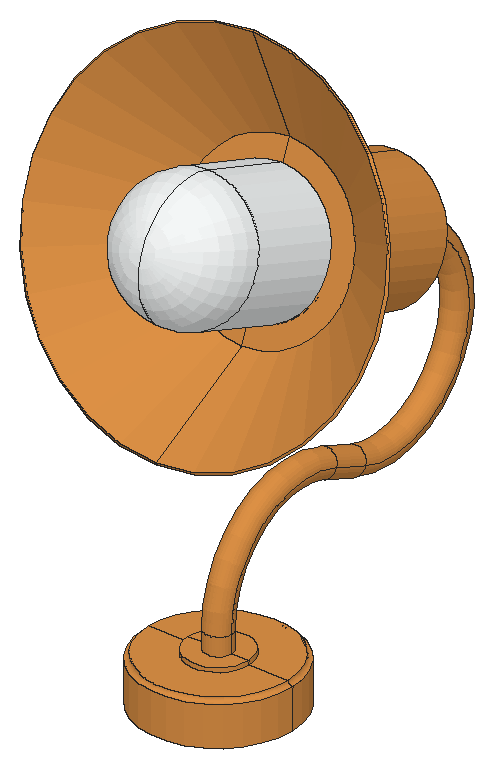
Revit family "31008_HOST_FACE", category Lighting Fixtures, host Face, Revit 2015
Parameters (values of type "BOOM Collection - Wall Luminaires")
  Wattage = 1.98597 W
  built-in parameter 1150110 = 1 (stored number, unit not read)
  URL = "www.bega-us.com"
  built-in parameter 1114217 = 1 (stored number, unit not read)
  Tilt Angle = 90.00°
  built-in parameter 1150109 = 1 (stored number, unit not read)
  built-in parameter 1150134 = (empty or 0)
  Telephone = "805.684.0533"
  built-in parameter 1150113 = 1 (stored number, unit not read)
  Photometric Web File = "31004.ies"
  Model = "31 008"
  Manufacturer = "BEGA-US"
  built-in parameter 1150105 = 23.475 (stored number, unit not read)
  Lumens = 295 lm
  built-in parameter 1150115 = 1 (stored number, unit not read)
  built-in parameter 1150137 = (empty or 0)
  built-in parameter 1150139 = (empty or 0)
  built-in parameter 1150112 = 1 (stored number, unit not read)
  built-in parameter 1150114 = 1 (stored number, unit not read)
  Lamp = "6.3W LED"
  built-in parameter 1150132 = 2
  built-in parameter 1150102 = (empty or 0)
  built-in parameter 1150107 = 3000 (stored number, unit not read)
  built-in parameter 1150138 = (empty or 0)
  built-in parameter 1150106 = 0.23475 (stored number, unit not read)
  built-in parameter 1150104 = 13.8 (stored number, unit not read)
  Dimming Lamp Color Temperature Shift = <None>
  Description = "LED wall luminaires - directed"
  Default Elevation = 6' - 0"
  Color Filter = 16777215
  built-in parameter 1114218 = 1 (stored number, unit not read)
  built-in parameter 1150133 = 10 (stored number, unit not read)
Types (5): name | Wattage | built-in parameter 1150134 | Photometric Web File | Model | built-in parameter 1150105 | Lumens | Lamp | built-in parameter 1150107 | built-in parameter 1150106 | Description
  (no name) | 1.98597 W | (empty or 0) | "31004.ies" | "31 008" | 23.475 (stored number, unit not read) | 295 lm | "6.3W LED" | 3000 (stored number, unit not read) | 0.23475 (stored number, unit not read) | "LED wall luminaires - directed"
  Wall Luminaires - Directed Light | 18.4392 W | (empty or 0) | "generic" | "2260LED" | 217.96 (stored number, unit not read) | 2739 lm | "44.6W LED" | 3000 (stored number, unit not read) | 2.1796 (stored number, unit not read) | "Surface wall with cutoff optics"
  Wall Luminaires - Linear | 9.92985 W | 9 | "generic" | "4425P" | 117.38 (stored number, unit not read) | 1475 lm | "(1) 39W CF twin-4-p" | 3450 (stored number, unit not read) | 1.1738 (stored number, unit not read) | "Suface wall - linear with white acrylic diffuser"
  Ceiling and Wall Luminaires - Unshielded | 2.66591 W | (empty or 0) | "33508.ies" | "33 508" | 31.513 (stored number, unit not read) | 396 lm | "8.4W LED" | 3000 (stored number, unit not read) | 0.31513 (stored number, unit not read) | "LED ceiling and wall luminaires - impact resistant"
  BOOM Collection - Wall Luminaires | 1.98597 W | (empty or 0) | "31004.ies" | "31 008" | 23.475 (stored number, unit not read) | 295 lm | "6.3W LED" | 3000 (stored number, unit not read) | 0.23475 (stored number, unit not read) | "LED wall luminaires - directed"
Reference planes (in)
  plane 1 "Center (Front/Back)": y = 0
  plane 2: z = 0
  plane 3 "Center (Left/Right)": x = 0
Dimensions and locks (in)
  aligned and locked: plane 2 to host face
  aligned and locked: level to host face
Nested families (in)
  nested 1: "31008" at (0, 0, 0) x (-1, 0, 0) z (0, 0, 1), type "31008"
Connectors (in)
  electrical at (0, 0, 0)
    settings: on host face, index 1, voltage 0 V, apparent load 0 VA, apparent load phase1 0 VA, apparent load phase2 0 VA, apparent load phase3 0 VA, power factor 1, load classification "Other", number of poles 1, system type 31, power factor state 1, is connector primary yes, connector utility no, sub classification motor no, connector description ""
Definition of nested family "31008"
  Reference planes (in)
    plane 1 "Center (Front/Back)": y = 0
    plane 2: z = 0
    plane 3 "Center (Left/Right)": x = 0
  Forms (in)
    Revolve 1, solid
      sketch origin (0, 0, 0) x (1, 0, 0) y (0, 0, 1)
        loop
          line (0, 0) -> (2.125, 0) -> (2.125, 1.125)
          arc (2.125, 1.125) -> (2.03661, 1.16161) -> (2, 1.25) r 0.125
          line (2, 1.25) -> (0.875, 1.25) -> (0.875, 1.375) -> (0, 1.375) -> (0, 1.125) -> (2, 1.125) -> (2, 0.125) -> (0, 0.125) -> (0, 0)
        axis (0, 1.375) -> (0, 0)
      angle from 0 to 360
    Revolve 2, solid
      sketch origin (0, 0, 0) x (0, 1, 0) y (0, 0, 1)
        loop
          line (-5.75, 9.625) -> (-5.69127, 9.64638) -> (-6.31118, 11.34957) -> (-2.31749, 12.80315) -> (-2.54439, 13.42657) -> (-1.2195, 16.68326) -> (-1.27739, 16.70681) -> (-2.61136, 13.42782) -> (-2.39759, 12.84051) -> (-6.39129, 11.38692) -> (-5.75, 9.625)
        axis (-5.75, 9.625) -> (0.51901, 11.90673)
      angle from 0 to 360
    Revolve 3, solid
      sketch origin (0, 0, 0) x (0, 1, 0) y (0, 0, 1)
        loop
          arc (2.75078, 12.71903) -> (1.78127, 13.77707) -> (0.34757, 13.83967) r 1.875
          line (0.34757, 13.83967) -> (-2.23658, 12.89911) -> (-2.15108, 12.66419) -> (-2.8004, 12.42786) -> (-2.8004, 12.36134) -> (-2.07097, 12.62684) -> (-2.15647, 12.86176) -> (0.36895, 13.78094)
          arc (0.36895, 13.78094) -> (1.75486, 13.72043) -> (2.69205, 12.69766) r 1.8125
          line (2.69205, 12.69766) -> (2.75078, 12.71903)
        axis (-2.26599, 10.89307) -> (2.75078, 12.71903)
      angle from 0 to 360
    Sweep 4, solid
      path origin (0, 0, 0) x (0, 1, 0) y (0, 0, 1)
        loop
          line (0, 1.375) -> (0, 1.875)
          arc (0, 1.875) -> (-1.17224, 4.19144) -> (-3.75, 4.5) r 2.75
          line (-3.75, 4.5) -> (-4.79787, 4.09061)
          arc (-4.79787, 4.09061) -> (-8.35942, 5.64971) -> (-6.80256, 9.21225) r 2.75
          line (-6.80256, 9.21225) -> (-5.75, 9.625)
      profile origin (0, 0, 1.625) x (0, -1, 0) y (1, 0, 0)
        loop
          circle (0, 0) r 0.375
  Cuts and joins
    joined: Revolve 1, Revolve 2, Sweep 4
  Dimensions and locks (in)
    aligned and locked: plane 2 to level
